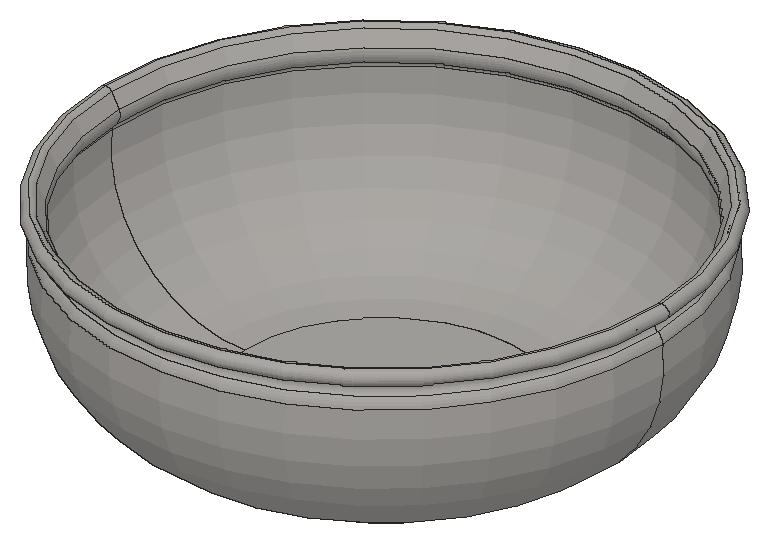
Revit family "Etrusco", category Generic Models, Revit 2012
Parameters
  Ceradur Finish [instance] = Ceradur finish-M11 Raku Avorio
Reference planes (cm)
  plane 1 "Center (Front/Back)": y = 0
  plane 2: z = 90
  plane 3 "Center (Left/Right)": x = 0
Forms (cm)
  Extrusion 1, solid, material "Ceradur finish-M11 Raku Avorio" <- "Ceradur Finish"
    sketch origin (0, 0, 90) x (1, 0, 0) y (0, 1, 0)
      loop
        circle (0, 0) r 10
      loop
        circle (0, 0) r 2.25
    from 0 to 2
  Sweep 2, solid, material "Ceradur finish-M11 Raku Avorio" <- "Ceradur Finish"
    path origin (0, 0, 90) x (1, 0, 0) y (0, 1, 0)
      loop
        circle (0, 0) r 20.5
    profile origin (0, 20.5, 90) x (0, -1, 0) y (0, 0, 1)
      loop
        arc (0.9107, 15.2851) -> (0.7318, 15.443) -> (0.5, 15.5) r 0.5
        arc (0.5, 15.5) -> (0, 15) -> (0.5, 14.5) r 0.5
        arc (0.5, 14.5) -> (0.9741, 14.1589) -> (0.8013, 13.601) r 0.5
        arc (0.8013, 13.601) -> (0.5383, 13.3035) -> (0.4118, 12.927) r 1
        arc (0.4118, 12.927) -> (2.8785, 4.9381) -> (10.5, 1.5) r 10.1667
        line (10.5, 1.5) -> (10.5, 2)
        arc (10.5, 2) -> (3.2533, 5.269) -> (0.9079, 12.865) r 9.6667
        arc (0.9079, 12.865) -> (0.9712, 13.0533) -> (1.1027, 13.202) r 0.5
        arc (1.1027, 13.202) -> (1.4553, 13.7042) -> (1.4481, 14.3178) r 1
        arc (1.4481, 14.3178) -> (1.2041, 14.8152) -> (0.9107, 15.2851) r 5.4344
Cuts and joins
  joined: Extrusion 1, Sweep 2
Lines and regions (cm)
  reference lines
    curve 1: circle (0, 0, 90) r 10 normal (0, 0, 1)
    curve 2: line (0, 10, 91.5) -> (0, 10, 92)
Dimensions and locks (cm)
  aligned and locked: level to plane 2
